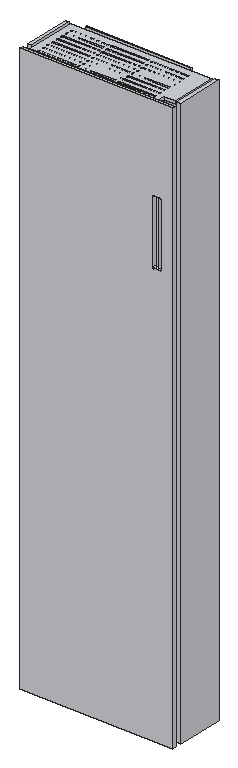
Revit family "57_CRD_ME_Ventura_V1X", category Mechanical Equipment, Revit 2020
Family settings
  Round Connector Dimension = Use Diameter
  Classification = None
  Part Type = Normal
  Work Plane-Based = Yes
  Always vertical = Yes
  Cut with Voids When Loaded = No
  Shared = No
  Room Calculation Point = Yes
Parameters (values of type "Ventura_V1X")
  voltage = 230 V  # constant formula
  roosters_hoh_maat [instance] = 500 mm
  rooster_offset_Y_onder [instance] = hoh_ventilatie_doorvoeren - roosters_hoh_maat + rooster_offset_Y_boven  # -90 mm
  rooster_offset_Y_boven [instance] = -100 mm
  rooster_offset_X [instance] = 100 mm
  positie_invoer_roosters [instance] = 0
  onderkant_unit_tov_vloerpeil = 150 mm
  muurrooster_waalformaat_rechts [instance] = and(positie_invoer_roosters = 3, muurrooster_waalformaat)  # no
  muurrooster_waalformaat_links [instance] = and(positie_invoer_roosters = 2, muurrooster_waalformaat)  # no
  muurrooster_waalformaat_achter [instance] = and(positie_invoer_roosters = 1, muurrooster_waalformaat)  # no
  muurrooster_waalformaat [instance] = not(muurrooster_vierkant)  # no
  muurrooster_vierkant_rechts [instance] = and(positie_invoer_roosters = 3, muurrooster_vierkant)  # no
  muurrooster_vierkant_links [instance] = and(positie_invoer_roosters = 2, muurrooster_vierkant)  # no
  muurrooster_vierkant_achter [instance] = and(positie_invoer_roosters = 1, muurrooster_vierkant)  # no
  muurrooster_vierkant [instance] = yes
  materiaal_unit [instance] = none
  materiaal_muurrooster [instance] = none
  materiaal_kanaal [instance] = Color RAL 7021
  hart_onderste_doorvoer_tov_vloerpeil = onderkant_unit_tov_vloerpeil + 97 mm  # 247 mm
  eis_offset_Y [instance] = "negatief getal ivm ontwatering"  # constant formula
  dikte_binnenspouwblad [instance] = 40 mm
  hoh_ventilatie_doorvoeren = 510 mm
  dikte_spouwconstructie [instance] = 210 mm
  diameter [instance] = if(connection_diameter_110, 110 mm, 150 mm)  # 110 mm
  debiet_m3h_max [instance] = 250.00 m³  # constant formula
  debiet_m3h [instance] = 100.00 m³
  debiet_Ls [instance] = debiet_m3h / 3600.0 s  # 27.7778 L/s
  connection_diameter_150 [instance] = not(connection_diameter_110)  # no
  connection_diameter_110 [instance] = yes
  breedte_unit = 520 mm
  Power = 0 VA
  Default Elevation = 1219.2 mm
  3=positie_invoer_roosters_rechts [instance] = positie_invoer_roosters = 3  # no
  2=positie_invoer_roosters_links [instance] = positie_invoer_roosters = 2  # no
  1=positie_invoer_roosters_achter [instance] = positie_invoer_roosters = 1  # no
Reference planes
  plane 1 "Center (Front/Back)": y = 0
  plane 2: z = 0
  plane 3 "Center (Left/Right)": x = 0
  plane 4 "doorvoer_onder": z = 247
  plane 5 "doorvoer_boven": z = 757
  plane 6: x = 260
  plane 7: x = -260
  plane 8: y = -100
Dimensions and locks
  "hoh_ventilatie_doorvoeren": plane 5 "doorvoer_boven" to plane 4 "doorvoer_onder"
  "hart_onderste_doorvoer_tov_vloerpeil": plane 4 "doorvoer_onder" to plane 2
  equal spacing: plane 7, plane 3 "Center (Left/Right)", plane 6
  "breedte_unit": plane 7 to plane 6
  locked: plane 8 to plane 1 "Center (Front/Back)" at 100
  aligned and locked: level to plane 2
  aligned and locked: nested 3 to plane 8
  aligned and locked: nested 3 to plane 6
  aligned and locked: nested 2 to plane 8
  aligned and locked: nested 2 to plane 6
  aligned and locked: nested 4 to plane 3 "Center (Left/Right)"
  aligned and locked: nested 5 to plane 3 "Center (Left/Right)"
  aligned and locked: nested 4 to plane 1 "Center (Front/Back)"
  aligned and locked: nested 5 to plane 1 "Center (Front/Back)"
  aligned and locked: nested 6 to plane 7
  aligned and locked: plane 8 to nested 6
  aligned and locked: nested 7 to plane 7
  aligned and locked: plane 8 to nested 7
Nested families
  nested 1: "57_CRD_ME_Ventura_V1X_shared" at (0, 0, 150) x (1, 0, 0) z (0, -1, 0), built-in parameter 1001360 <- "onderkant_unit_tov_vloerpeil", Power <- "Power", debiet_m3h <- "debiet_m3h", materiaal_unit <- "materiaal_unit", Connection Diameter 150mm <- "connection_diameter_150", type "Ventura V1X unit"
    with materiaal_unit none, debiet_m3h 100.00 m³, debiet_Ls 27.7778 L/s, Vertical Right1 no, Vertical Left1 yes, Square White1 no, Square Grille Visible no, Square Grey1 no, Service Space no, Right Clearance 20 mm, Reference Line Ventilation Unit Length 100.3 mm, Reference Line Ventilation Unit Angle 90.00°, Reference Line Grid Length 260 mm, Reference Line Grid Angle 0.00°, Rectangular White1 no, Rectangular Grille Visible yes, Rectangular Brown1 yes, Rectangular Black1 no, Power 0 VA, Line Length 86.4 mm, Left Clearance 0 mm, Inside Diameter Wall Grille 140 mm, Horizontal Right1 no, Horizontal Left1 no, Grille Wall Transit Length Safe 180 mm, Grille Wall Transit Length 220 mm, Function Code "", Double Rectangular White1 no, Double Rectangular Grille Visible no, Double Rectangular Brown1 no, Double Rectangular Black1 no, Diameter Wall Grille 140 mm, Connector Diameter 110 mm, Connection Diameter 150mm no, Connection Diameter 110mm yes
  nested 2: "57_CRD_AT_aansluiting_muurrooster_flex" at (260, -100, 757) x (0, 1, 0) z (0, 0, 1), materiaal_kanaal <- "materiaal_kanaal", materiaal_rooster <- "materiaal_muurrooster", diepte <- "dikte_spouwconstructie", lengte_recht_deel_aansluiting <- "dikte_binnenspouwblad", offset_X <- "rooster_offset_X", offset_Y <- "rooster_offset_Y_boven", Connection Diameter 150 <- "connection_diameter_150", muurrooster_waalformaat <- "muurrooster_waalformaat_rechts", visible <- "3=positie_invoer_roosters_rechts", muurrooster_vierkant <- "muurrooster_vierkant_rechts", type "Grille"
    with rekenwaarde_offset_Y 900 mm, rekenwaarde_offset_X 1100 mm, offset_Y -100 mm, offset_X 100 mm, muurrooster_waalformaat no, muurrooster_vierkant no, materiaal_rooster none, materiaal_kanaal Color RAL 7021, lengte_recht_deel_aansluiting 40 mm, diepte 210 mm, Tube Length 180 mm, R 55 mm, Diameter 110 mm, Connection Diameter 150 no, Connection Diameter 110 yes, Connection Diameter 110 mm
  nested 3: "57_CRD_AT_aansluiting_muurrooster_flex" at (260, -100, 247) x (0, 1, 0) z (0, 0, 1), materiaal_kanaal <- "materiaal_kanaal", materiaal_rooster <- "materiaal_muurrooster", diepte <- "dikte_spouwconstructie", lengte_recht_deel_aansluiting <- "dikte_binnenspouwblad", offset_X <- "rooster_offset_X", offset_Y <- "rooster_offset_Y_onder", Connection Diameter 150 <- "connection_diameter_150", muurrooster_waalformaat <- "muurrooster_waalformaat_rechts", visible <- "3=positie_invoer_roosters_rechts", muurrooster_vierkant <- "muurrooster_vierkant_rechts", type "Grille"
    with rekenwaarde_offset_Y 910 mm, rekenwaarde_offset_X 1100 mm, offset_Y -90 mm, offset_X 100 mm, muurrooster_waalformaat no, muurrooster_vierkant no, materiaal_rooster none, materiaal_kanaal Color RAL 7021, lengte_recht_deel_aansluiting 40 mm, diepte 210 mm, Tube Length 180 mm, R 55 mm, Diameter 110 mm, Connection Diameter 150 no, Connection Diameter 110 yes, Connection Diameter 110 mm
  nested 4: "57_CRD_AT_aansluiting_muurrooster_flex" at (0, 0, 757) x (-1, 0, 0) z (0, 0, 1), materiaal_kanaal <- "materiaal_kanaal", materiaal_rooster <- "materiaal_muurrooster", diepte <- "dikte_spouwconstructie", lengte_recht_deel_aansluiting <- "dikte_binnenspouwblad", offset_X <- "rooster_offset_X", offset_Y <- "rooster_offset_Y_boven", Connection Diameter 150 <- "connection_diameter_150", muurrooster_waalformaat <- "muurrooster_waalformaat_achter", visible <- "1=positie_invoer_roosters_achter", muurrooster_vierkant <- "muurrooster_vierkant_achter", type "Grille"
    with rekenwaarde_offset_Y 900 mm, rekenwaarde_offset_X 1100 mm, offset_Y -100 mm, offset_X 100 mm, muurrooster_waalformaat no, muurrooster_vierkant no, materiaal_rooster none, materiaal_kanaal Color RAL 7021, lengte_recht_deel_aansluiting 40 mm, diepte 210 mm, Tube Length 180 mm, R 55 mm, Diameter 110 mm, Connection Diameter 150 no, Connection Diameter 110 yes, Connection Diameter 110 mm
  nested 5: "57_CRD_AT_aansluiting_muurrooster_flex" at (0, 0, 247) x (-1, 0, 0) z (0, 0, 1), materiaal_kanaal <- "materiaal_kanaal", materiaal_rooster <- "materiaal_muurrooster", diepte <- "dikte_spouwconstructie", lengte_recht_deel_aansluiting <- "dikte_binnenspouwblad", offset_X <- "rooster_offset_X", offset_Y <- "rooster_offset_Y_onder", Connection Diameter 150 <- "connection_diameter_150", muurrooster_waalformaat <- "muurrooster_waalformaat_achter", visible <- "1=positie_invoer_roosters_achter", muurrooster_vierkant <- "muurrooster_vierkant_achter", type "Grille"
    with rekenwaarde_offset_Y 910 mm, rekenwaarde_offset_X 1100 mm, offset_Y -90 mm, offset_X 100 mm, muurrooster_waalformaat no, muurrooster_vierkant no, materiaal_rooster none, materiaal_kanaal Color RAL 7021, lengte_recht_deel_aansluiting 40 mm, diepte 210 mm, Tube Length 180 mm, R 55 mm, Diameter 110 mm, Connection Diameter 150 no, Connection Diameter 110 yes, Connection Diameter 110 mm
  nested 6: "57_CRD_AT_aansluiting_muurrooster_flex" at (-260, -100, 757) x (0, -1, 0) z (0, 0, 1), materiaal_kanaal <- "materiaal_kanaal", materiaal_rooster <- "materiaal_muurrooster", diepte <- "dikte_spouwconstructie", lengte_recht_deel_aansluiting <- "dikte_binnenspouwblad", offset_X <- "rooster_offset_X", offset_Y <- "rooster_offset_Y_boven", Connection Diameter 150 <- "connection_diameter_150", muurrooster_waalformaat <- "muurrooster_waalformaat_links", visible <- "2=positie_invoer_roosters_links", muurrooster_vierkant <- "muurrooster_vierkant_links", type "Grille"
    with rekenwaarde_offset_Y 900 mm, rekenwaarde_offset_X 1100 mm, offset_Y -100 mm, offset_X 100 mm, muurrooster_waalformaat no, muurrooster_vierkant no, materiaal_rooster none, materiaal_kanaal Color RAL 7021, lengte_recht_deel_aansluiting 40 mm, diepte 210 mm, Tube Length 180 mm, R 55 mm, Diameter 110 mm, Connection Diameter 150 no, Connection Diameter 110 yes, Connection Diameter 110 mm
  nested 7: "57_CRD_AT_aansluiting_muurrooster_flex" at (-260, -100, 247) x (0, -1, 0) z (0, 0, 1), materiaal_kanaal <- "materiaal_kanaal", materiaal_rooster <- "materiaal_muurrooster", diepte <- "dikte_spouwconstructie", lengte_recht_deel_aansluiting <- "dikte_binnenspouwblad", offset_X <- "rooster_offset_X", offset_Y <- "rooster_offset_Y_onder", Connection Diameter 150 <- "connection_diameter_150", muurrooster_waalformaat <- "muurrooster_waalformaat_links", visible <- "2=positie_invoer_roosters_links", muurrooster_vierkant <- "muurrooster_vierkant_links", type "Grille"
    with rekenwaarde_offset_Y 910 mm, rekenwaarde_offset_X 1100 mm, offset_Y -90 mm, offset_X 100 mm, muurrooster_waalformaat no, muurrooster_vierkant no, materiaal_rooster none, materiaal_kanaal Color RAL 7021, lengte_recht_deel_aansluiting 40 mm, diepte 210 mm, Tube Length 180 mm, R 55 mm, Diameter 110 mm, Connection Diameter 150 no, Connection Diameter 110 yes, Connection Diameter 110 mm
Connectors
  hvac at (260, -100, 757), driven by "diameter", driven by "debiet_Ls"
    settings: on nested 2, index 1, duct flow 27.7778 L/s, flow factor 0, pres drop 0.0 Pa, loss coef 0, conn angle 0.00°, conn width 304.8 mm, conn height 304.8 mm, conn diameter 110 mm, duct sys type 2, conn prof type 0, flow config 0, flow direction 2, loss method 0, conn ref index -1, conn util no, is conn primary yes, conn desc ""
  hvac at (260, -100, 247), driven by "diameter", driven by "debiet_Ls"
    settings: on nested 3, index 2, duct flow 27.7778 L/s, flow factor 0, pres drop 0.0 Pa, loss coef 0, conn angle 0.00°, conn width 304.8 mm, conn height 304.8 mm, conn diameter 110 mm, duct sys type 1, conn prof type 0, flow config 0, flow direction 1, loss method 0, conn ref index -1, conn util no, is conn primary no, conn desc ""
  electrical at (0, -4, 1129), driven by "voltage"
    settings: on nested 1, index 3, voltage 230 V, apparent load 0 VA, apparent load phase1 0 VA, apparent load phase2 0 VA, apparent load phase3 0 VA, power factor 1, load classification "Other", number of poles 1, system type 31, power factor state 1, is connector primary yes, connector utility no, sub classification motor no, connector description ""
  hvac at (-260, -100, 757), driven by "diameter", driven by "debiet_Ls"
    settings: on nested 6, index 4, duct flow 27.7778 L/s, flow factor 0, pres drop 0.0 Pa, loss coef 0, conn angle 0.00°, conn width 304.8 mm, conn height 304.8 mm, conn diameter 110 mm, duct sys type 2, conn prof type 0, flow config 0, flow direction 2, loss method 0, conn ref index -1, conn util no, is conn primary no, conn desc ""
  hvac at (-260, -100, 247), driven by "diameter", driven by "debiet_Ls"
    settings: on nested 7, index 5, duct flow 27.7778 L/s, flow factor 0, pres drop 0.0 Pa, loss coef 0, conn angle 0.00°, conn width 304.8 mm, conn height 304.8 mm, conn diameter 110 mm, duct sys type 1, conn prof type 0, flow config 0, flow direction 1, loss method 0, conn ref index -1, conn util no, is conn primary no, conn desc ""
  hvac at (0, 0, 757), driven by "diameter", driven by "debiet_Ls"
    settings: on nested 4, index 6, duct flow 27.7778 L/s, flow factor 0, pres drop 0.0 Pa, loss coef 0, conn angle 0.00°, conn width 304.8 mm, conn height 304.8 mm, conn diameter 110 mm, duct sys type 2, conn prof type 0, flow config 0, flow direction 2, loss method 0, conn ref index -1, conn util no, is conn primary no, conn desc ""
  hvac at (0, 0, 247), driven by "diameter", driven by "debiet_Ls"
    settings: on nested 5, index 7, duct flow 27.7778 L/s, flow factor 0, pres drop 0.0 Pa, loss coef 0, conn angle 0.00°, conn width 304.8 mm, conn height 304.8 mm, conn diameter 110 mm, duct sys type 1, conn prof type 0, flow config 0, flow direction 1, loss method 0, conn ref index -1, conn util no, is conn primary no, conn desc ""
Definition of nested family "57_CRD_ME_Ventura_V1X_shared"
  Parameters (values of type "Mounting Position - Vertical Left Corner")
    materiaal_unit [instance] = none
    debiet_m3h [instance] = 100.00 m³
    debiet_Ls [instance] = debiet_m3h / 3600.0 s  # 27.7778 L/s
    Width = 520 mm
    Wholesaler Art. No. = ""
    Wholesaler = ""
    Watermarked By = "https://mep.trimble.com"
    Voltage = 230 V
    Vertical Right1 [instance] = if(Mounting = Vertical Right, 1 = 1, 1 = 0)  # no
    Vertical Right = Position : Vertical, Right Corner
    Vertical Left1 [instance] = if(Mounting = Vertical Left, 1 = 1, 1 = 0)  # yes
    Vertical Left = Position : Vertical, Left Corner
    URL = "https://mep.trimble.com"
    Square White1 [instance] = no
    Square Grille Visible [instance] = if(or(Square Grey1, Square White1), 1 = 1, 1 = 0)  # no
    Square Grey1 [instance] = no
    Service Space [instance] = no
    Stabu Code = ""
    Right Clearance [instance] = if(or(Horizontal Right1, Vertical Left1), 20 mm, 0 mm)  # 20 mm
    Revit Version = "2018"  # constant formula
    Reference Line Grid Length [instance] = if(or(Horizontal Left1, Horizontal Right1), 96 mm, 260 mm)  # 260 mm
    Reference Line Grid Angle [instance] = if(Vertical Left1, 0.00°, if(Vertical Right1, 180.00°, 90.00°))  # 0.00°
    Rectangular White1 [instance] = no
    Rectangular Grille Visible [instance] = if(or(Rectangular Black1, Rectangular White1, Rectangular Brown1), 1 = 1, 1 = 0)  # yes
    Rectangular Brown1 [instance] = yes
    Rectangular Black1 [instance] = no
    Product Line = "ClimaRad"  # constant formula
    Power [instance] = 0 VA
    Mounting = Position : Vertical, Left Corner
    Model = "Ventura V1X"
    Manufacturer URL = "https://www.climarad.nl/producten/actueel/climarad-ventura/"
    Manufacturer Art. No. = "3540100"
    Manufacturer = "ClimaRad"  # constant formula
    MEPcontent Class = "VENTILATION_UNIT"  # constant formula
    Reference Line Ventilation Unit Length [instance] = if(or(Vertical Left1, Vertical Right1), 100.3 mm, 260 mm)  # 100.3 mm
    Line Length [instance] = if(Connection Diameter 110mm, 86.4 mm, 111.1 mm)  # 111.1 mm
    Left Clearance [instance] = if(or(Horizontal Left1, Vertical Right1), 20 mm, 0 mm)  # 0 mm
    Internal Art. No. = ""
    Inside Diameter Wall Grille [instance] = if(Connection Diameter 150mm, 180 mm, 140 mm)  # 180 mm
    IFCExportType = "NOTDEFINED"  # constant formula
    IFCExportAs = "IfcAirTerminal"  # constant formula
    Horizontal Right1 [instance] = if(Mounting = Horizontal Right, 1 = 1, 1 = 0)  # no
    Horizontal Right = Position : Horizontal, Right Corner
    Horizontal Left1 [instance] = if(Mounting = Horizontal Left, 1 = 1, 1 = 0)  # no
    Horizontal Left = Position : Horizontal, Left Corner
    Height = 1950 mm
    Grille Wall Transit Length Safe [instance] = 180 mm
    Grille Wall Transit Length [instance] = 220 mm
    GTIN = ""
    GLN = "8719279000001"
    Function Code [instance] = ""  # constant formula
    Family Version = "11.26"  # constant formula
    ETIM Article Class = "EC010004"  # constant formula
    EMCS Version = "4.0"  # constant formula
    Double Rectangular White1 [instance] = no
    Double Rectangular Grille Visible [instance] = if(or(Double Rectangular Brown1, Double Rectangular Black1, Double Rectangular White1), 1 = 1, 1 = 0)  # no
    Double Rectangular Brown1 [instance] = no
    Double Rectangular Black1 [instance] = no
    Diameter Wall Grille [instance] = if(Connection Diameter 110mm, 140 mm, 180 mm)  # 180 mm
    Description = "Basis ventilatie-unit"
    Depth = 200 mm
    Default Elevation = 0 mm
    Custom = no
    Copyright = "© Trimble Europe BV"  # constant formula
    Content Supplier URL = "www.MEPcontent.com"
    Connection Diameter 150mm [instance] = yes
    Connection Diameter 110mm [instance] = not(Connection Diameter 150mm)  # no
    Connector Diameter [instance] = if(Connection Diameter 150mm, 150 mm, 110 mm)  # 150 mm
    CB-NL Class = ""
    Base Family Version = "12.19"  # constant formula
    Article Type = "Ventura V1X"
    Article Description = "Basis ventilatie-unit"
    Reference Line Ventilation Unit Angle [instance] = if(Horizontal Left1, 180.00°, if(Horizontal Right1, 0.00°, 90.00°))  # 90.00°
  Types (4, lengths in mm): name | Vertical Right1 | Vertical Left1 | Right Clearance | Reference Line Grid Length | Reference Line Grid Angle | Mounting | Reference Line Ventilation Unit Length | Left Clearance | Horizontal Right1 | Horizontal Left1 | Reference Line Ventilation Unit Angle
    Mounting Position - Vertical Left Corner | no | yes | 20 | 260 | 0.00° | Position : Vertical, Left Corner | 100.3 | 0 | no | no | 90.00°
    Mounting Position - Vertical Right Corner | yes | no | 0 | 260 | 180.00° | Position : Vertical, Right Corner | 100.3 | 20 | no | no | 90.00°
    Mounting Position - Horizontal Right Corner | no | no | 20 | 96 | 90.00° | Position : Horizontal, Right Corner | 260 | 0 | yes | no | 0.00°
    Mounting Position - Horizontal Left Corner | no | no | 0 | 96 | 90.00° | Position : Horizontal, Left Corner | 260 | 20 | no | yes | 180.00°
  Reference planes
    plane 1 "Center (Front/Back)": y = 0
    plane 2: z = 0
    plane 3 "Center (Left/Right)": x = 0
    plane 4: y = 103.3
    plane 5: y = 613.999
    plane 6: z = 100
    plane 7: y = 94.7
    plane 8: y = 604.7
    plane 9: z = 100
    plane 10: y = 4
    plane 11: x = 0
    plane 12: z = 203
    plane 13: z = 4
    plane 14: y = 1934
    plane 15: y = 97
    plane 16: y = 607
    plane 17: y = 1792
    plane 18: z = 101.5
    plane 19: y = 607
    plane 20: y = 97
    plane 21: z = 104.3
    plane 22: z = 100
    plane 23: y = 4
    plane 24: y = 1954
    plane 25: z = 204
  Forms (mm)
    Extrusion 1, solid, not visible
      sketch origin (0, 780.8, 0) x (1, 0, 0) y (0, 1, 0)
        loop
          line (-1219.2, 2019.2) -> (-1219.2, -1219.2) -> (1219.2, -1219.2) -> (1219.2, 2019.2) -> (-1219.2, 2019.2)
      from 0 to -304.8
    Extrusion 2, solid, material <- "materiaal_unit", detail levels fine
      sketch origin (202.037, 1919.7, 0) x (0, -1, 0) y (0, 0, -1)
        loop
          arc (1878.25, -170.811) -> (1822.7, -10) -> (1767.15, -170.811) r 90
          line (1767.15, -170.811) -> (1878.25, -170.811)
        loop
          arc (1368.25, -170.811) -> (1312.7, -10) -> (1257.15, -170.811) r 90
          line (1257.15, -170.811) -> (1368.25, -170.811)
      from 0 to 46
    Extrusion 3, solid, material <- "materiaal_unit", detail levels fine
      sketch origin (-237.963, 1919.7, 0) x (0, -1, 0) y (0, 0, 1)
        loop
          line (1878.25, 170.811) -> (1767.15, 170.811)
          arc (1767.15, 170.811) -> (1822.7, 10) -> (1878.25, 170.811) r 90
        loop
          line (1368.25, 170.811) -> (1257.15, 170.811)
          arc (1257.15, 170.811) -> (1312.7, 10) -> (1368.25, 170.811) r 90
      from 0 to 10.037
    Extrusion 4, solid, material <- "materiaal_unit", detail levels fine
      sketch origin (-15.963, 0, 4) x (1, 0, 0) y (0, 1, 0)
        loop
          line (-244.037, 4) -> (-232.037, 4) -> (-232.037, 1954) -> (-244.037, 1954) -> (-244.037, 4)
      from 6 to 167
    Extrusion 5, solid, material <- "materiaal_unit", detail levels fine
      sketch origin (-260, 1954, 184) x (1, 0, 0) y (0, 0, -1)
        loop
          line (462.037, -6.5) -> (462.037, 14.5) -> (500.537, 14.5) -> (500.537, 170) -> (22.037, 170) -> (22.037, -6.5) -> (462.037, -6.5)
        loop
          line (306.037, 2.8) -> (185.037, 2.8)
          arc (185.037, 2.8) -> (182.916, 1.921) -> (182.037, -0.2) r 3
          line (182.037, -0.2) -> (182.037, -2.7) -> (309.037, -2.7) -> (309.037, -0.2)
          arc (309.037, -0.2) -> (308.159, 1.921) -> (306.037, 2.8) r 3
        loop
          arc (445.037, -0.2) -> (444.159, 1.921) -> (442.037, 2.8) r 3
          line (442.037, 2.8) -> (321.037, 2.8)
          arc (321.037, 2.8) -> (318.916, 1.921) -> (318.037, -0.2) r 3
          line (318.037, -0.2) -> (318.037, -2.7) -> (445.037, -2.7) -> (445.037, -0.2)
        loop
          arc (445.037, 19.8) -> (444.159, 21.921) -> (442.037, 22.8) r 3
          line (442.037, 22.8) -> (321.037, 22.8)
          arc (321.037, 22.8) -> (318.916, 21.921) -> (318.037, 19.8) r 3
          line (318.037, 19.8) -> (318.037, 17.4) -> (445.037, 17.4) -> (445.037, 19.8)
        loop
          arc (445.037, 39.8) -> (444.159, 41.921) -> (442.037, 42.8) r 3
          line (442.037, 42.8) -> (321.037, 42.8)
          arc (321.037, 42.8) -> (318.916, 41.921) -> (318.037, 39.8) r 3
          line (318.037, 39.8) -> (318.037, 37.4) -> (445.037, 37.4) -> (445.037, 39.8)
        loop
          arc (445.037, 59.8) -> (444.159, 61.921) -> (442.037, 62.8) r 3
          line (442.037, 62.8) -> (321.037, 62.8)
          arc (321.037, 62.8) -> (318.916, 61.921) -> (318.037, 59.8) r 3
          line (318.037, 59.8) -> (318.037, 57.4) -> (445.037, 57.4) -> (445.037, 59.8)
        loop
          arc (445.037, 79.8) -> (444.159, 81.921) -> (442.037, 82.8) r 3
          line (442.037, 82.8) -> (321.037, 82.8)
          arc (321.037, 82.8) -> (318.916, 81.921) -> (318.037, 79.8) r 3
          line (318.037, 79.8) -> (318.037, 77.4) -> (445.037, 77.4) -> (445.037, 79.8)
        loop
          arc (445.037, 99.8) -> (444.159, 101.921) -> (442.037, 102.8) r 3
          line (442.037, 102.8) -> (321.037, 102.8)
          arc (321.037, 102.8) -> (318.916, 101.921) -> (318.037, 99.8) r 3
          line (318.037, 99.8) -> (318.037, 97.4) -> (445.037, 97.4) -> (445.037, 99.8)
        loop
          arc (445.037, 119.8) -> (444.159, 121.921) -> (442.037, 122.8) r 3
          line (442.037, 122.8) -> (321.037, 122.8)
          arc (321.037, 122.8) -> (318.916, 121.921) -> (318.037, 119.8) r 3
          line (318.037, 119.8) -> (318.037, 117.4) -> (445.037, 117.4) -> (445.037, 119.8)
        loop
          arc (445.037, 139.8) -> (444.159, 141.921) -> (442.037, 142.8) r 3
          line (442.037, 142.8) -> (321.037, 142.8)
          arc (321.037, 142.8) -> (318.916, 141.921) -> (318.037, 139.8) r 3
          line (318.037, 139.8) -> (318.037, 137.4) -> (445.037, 137.4) -> (445.037, 139.8)
        loop
          line (182.037, 19.8) -> (182.037, 17.4) -> (309.037, 17.4) -> (309.037, 19.8)
          arc (309.037, 19.8) -> (308.159, 21.921) -> (306.037, 22.8) r 3
          line (306.037, 22.8) -> (185.037, 22.8)
          arc (185.037, 22.8) -> (182.916, 21.921) -> (182.037, 19.8) r 3
        loop
          line (182.037, 39.8) -> (182.037, 37.4) -> (309.037, 37.4) -> (309.037, 39.8)
          arc (309.037, 39.8) -> (308.159, 41.921) -> (306.037, 42.8) r 3
          line (306.037, 42.8) -> (185.037, 42.8)
          arc (185.037, 42.8) -> (182.916, 41.921) -> (182.037, 39.8) r 3
        loop
          line (182.037, 59.8) -> (182.037, 57.4) -> (309.037, 57.4) -> (309.037, 59.8)
          arc (309.037, 59.8) -> (308.159, 61.921) -> (306.037, 62.8) r 3
          line (306.037, 62.8) -> (185.037, 62.8)
          arc (185.037, 62.8) -> (182.916, 61.921) -> (182.037, 59.8) r 3
        loop
          line (182.037, 79.8) -> (182.037, 77.4) -> (309.037, 77.4) -> (309.037, 79.8)
          arc (309.037, 79.8) -> (308.159, 81.921) -> (306.037, 82.8) r 3
          line (306.037, 82.8) -> (185.037, 82.8)
          arc (185.037, 82.8) -> (182.916, 81.921) -> (182.037, 79.8) r 3
        loop
          line (182.037, 99.8) -> (182.037, 97.4) -> (309.037, 97.4) -> (309.037, 99.8)
          arc (309.037, 99.8) -> (308.159, 101.921) -> (306.037, 102.8) r 3
          line (306.037, 102.8) -> (185.037, 102.8)
          arc (185.037, 102.8) -> (182.916, 101.921) -> (182.037, 99.8) r 3
        loop
          line (182.037, 119.8) -> (182.037, 117.4) -> (309.037, 117.4) -> (309.037, 119.8)
          arc (309.037, 119.8) -> (308.159, 121.921) -> (306.037, 122.8) r 3
          line (306.037, 122.8) -> (185.037, 122.8)
          arc (185.037, 122.8) -> (182.916, 121.921) -> (182.037, 119.8) r 3
        loop
          line (182.037, 139.8) -> (182.037, 137.4) -> (309.037, 137.4) -> (309.037, 139.8)
          arc (309.037, 139.8) -> (308.159, 141.921) -> (306.037, 142.8) r 3
          line (306.037, 142.8) -> (185.037, 142.8)
          arc (185.037, 142.8) -> (182.916, 141.921) -> (182.037, 139.8) r 3
        loop
          arc (173.037, -0.2) -> (172.159, 1.921) -> (170.037, 2.8) r 3
          line (170.037, 2.8) -> (49.037, 2.8)
          arc (49.037, 2.8) -> (46.916, 1.921) -> (46.037, -0.2) r 3
          line (46.037, -0.2) -> (46.037, -2.7) -> (173.037, -2.7) -> (173.037, -0.2)
        loop
          arc (173.037, 19.8) -> (172.159, 21.921) -> (170.037, 22.8) r 3
          line (170.037, 22.8) -> (49.037, 22.8)
          arc (49.037, 22.8) -> (46.916, 21.921) -> (46.037, 19.8) r 3
          line (46.037, 19.8) -> (46.037, 17.4) -> (173.037, 17.4) -> (173.037, 19.8)
        loop
          arc (173.037, 39.8) -> (172.159, 41.921) -> (170.037, 42.8) r 3
          line (170.037, 42.8) -> (49.037, 42.8)
          arc (49.037, 42.8) -> (46.916, 41.921) -> (46.037, 39.8) r 3
          line (46.037, 39.8) -> (46.037, 37.4) -> (173.037, 37.4) -> (173.037, 39.8)
        loop
          arc (173.037, 59.8) -> (172.159, 61.921) -> (170.037, 62.8) r 3
          line (170.037, 62.8) -> (49.037, 62.8)
          arc (49.037, 62.8) -> (46.916, 61.921) -> (46.037, 59.8) r 3
          line (46.037, 59.8) -> (46.037, 57.4) -> (173.037, 57.4) -> (173.037, 59.8)
        loop
          arc (173.037, 79.8) -> (172.159, 81.921) -> (170.037, 82.8) r 3
          line (170.037, 82.8) -> (49.037, 82.8)
          arc (49.037, 82.8) -> (46.916, 81.921) -> (46.037, 79.8) r 3
          line (46.037, 79.8) -> (46.037, 77.4) -> (173.037, 77.4) -> (173.037, 79.8)
        loop
          arc (173.037, 99.8) -> (172.159, 101.921) -> (170.037, 102.8) r 3
          line (170.037, 102.8) -> (49.037, 102.8)
          arc (49.037, 102.8) -> (46.916, 101.921) -> (46.037, 99.8) r 3
          line (46.037, 99.8) -> (46.037, 97.4) -> (173.037, 97.4) -> (173.037, 99.8)
        loop
          arc (173.037, 119.8) -> (172.159, 121.921) -> (170.037, 122.8) r 3
          line (170.037, 122.8) -> (49.037, 122.8)
          arc (49.037, 122.8) -> (46.916, 121.921) -> (46.037, 119.8) r 3
          line (46.037, 119.8) -> (46.037, 117.4) -> (173.037, 117.4) -> (173.037, 119.8)
        loop
          arc (173.037, 139.8) -> (172.159, 141.921) -> (170.037, 142.8) r 3
          line (170.037, 142.8) -> (49.037, 142.8)
          arc (49.037, 142.8) -> (46.916, 141.921) -> (46.037, 139.8) r 3
          line (46.037, 139.8) -> (46.037, 137.4) -> (173.037, 137.4) -> (173.037, 139.8)
      from 0 to -10
    Extrusion 6, solid, material <- "materiaal_unit", detail levels fine
      sketch origin (-7, 4, 184) x (1, 0, 0) y (0, 1, 0)
        loop
          line (-253, 1950) -> (-253, 0) -> (267, 0) -> (267, 1950) -> (-253, 1950)
        loop
          arc (204.5, 1662) -> (200.964, 1660.536) -> (199.5, 1657) r 5
          line (199.5, 1657) -> (199.5, 1443)
          arc (199.5, 1443) -> (200.964, 1439.464) -> (204.5, 1438) r 5
          line (204.5, 1438) -> (224.5, 1438)
          arc (224.5, 1438) -> (228.036, 1439.464) -> (229.5, 1443) r 5
          line (229.5, 1443) -> (229.5, 1657)
          arc (229.5, 1657) -> (228.036, 1660.536) -> (224.5, 1662) r 5
          line (224.5, 1662) -> (204.5, 1662)
      from 7 to 20
    Extrusion 7, solid, material <- "materiaal_unit", detail levels fine
      sketch origin (-29.925, 4, 4) x (1, 0, 0) y (0, 1, 0)
        loop
          line (277.925, 0) -> (289.925, 0) -> (289.925, 1950) -> (277.925, 1950) -> (277.925, 0)
      from 6 to 167
    Extrusion 8, solid, material <- "materiaal_unit", detail levels fine
      sketch origin (-17.963, 4, 0) x (1, 0, 0) y (0, 1, 0)
        loop
          line (-220, 1935) -> (-220, 0) -> (220, 0) -> (220, 1935) -> (-220, 1935)
      from 4 to 190.5
    Extrusion 9, solid, material <- "materiaal_unit", detail levels fine
      sketch origin (-17.963, 15.5, 0) x (1, 0, 0) y (0, 1, 0)
        loop
          line (-179.5, 1938.5) -> (-179.5, 1898.5) -> (179.5, 1898.5) -> (179.5, 1938.5) -> (-179.5, 1938.5)
        loop
          circle (73.982, 1918.5) r 5
        loop
          arc (-157.669, 1923.5) -> (-162.669, 1918.5) -> (-157.669, 1913.5) r 5
          line (-157.669, 1913.5) -> (-141.707, 1913.5)
          arc (-141.707, 1913.5) -> (-136.707, 1918.5) -> (-141.707, 1923.5) r 5
          line (-141.707, 1923.5) -> (-157.669, 1923.5)
        loop
          line (154.688, 1910.519) -> (154.688, 1926.481)
          arc (154.688, 1926.481) -> (149.688, 1931.481) -> (144.688, 1926.481) r 5
          line (144.688, 1926.481) -> (144.688, 1910.519)
          arc (144.688, 1910.519) -> (149.688, 1905.519) -> (154.688, 1910.519) r 5
        loop
          circle (-73.982, 1918.5) r 5
      from 0 to 4
    Sweep 10, solid, not visible
      path in 3D
        loop
          line (0, 607, 100) -> (260, 607, 100)
      profile origin (130, 607, 100) x (0, 0, -1) y (0, 1, 0)
        loop
          circle (0, 0) r 10
    Extrusion 11, solid, material <- "materiaal_unit", detail levels coarse+medium
      sketch origin (0, 4, 0) x (1, 0, 0) y (0, 1, 0)
        loop
          line (260, 1950) -> (-260, 1950) -> (-260, 0) -> (260, 0) -> (260, 1950)
      from 4 to 204
    Extrusion 12, solid, material <- "materiaal_unit", detail levels coarse+medium
      sketch origin (-17.963, 15.5, 0) x (1, 0, 0) y (0, 1, 0)
        loop
          line (-179.5, 1938.5) -> (-179.5, 1898.5) -> (179.5, 1898.5) -> (179.5, 1938.5) -> (-179.5, 1938.5)
      from 0 to 4
    Extrusion 13, solid, material <- "materiaal_unit", detail levels fine
      sketch origin (-132.963, 4, 0) x (-1, 0, 0) y (0, 0, -1)
        loop
          line (78.637, -95.4) -> (78.637, -89.4) -> (62.637, -89.4) -> (62.637, -95.4) -> (78.637, -95.4)
        loop
          line (-271.563, -95.4) -> (-271.563, -89.4) -> (-287.563, -89.4) -> (-287.563, -95.4) -> (-271.563, -95.4)
      from -1.183 to 4
    Extrusion 14, void
      sketch origin (0, 0, 0) x (0, 1, 0) y (0, 0, 1)
        loop
          line (0.8, 96.306) -> (0.8, 93.463)
          arc (0.8, 93.463) -> (0.984, 92.713) -> (1.493, 92.132) r 1.625
          line (1.493, 92.132) -> (4, 90.377) -> (4, 96.306) -> (0.8, 96.306)
        loop
          line (4, 89.4) -> (0.626, 91.762)
          arc (0.626, 91.762) -> (0.166, 92.287) -> (0, 92.965) r 1.469
          line (0, 92.965) -> (0, 96.656) -> (-1.376, 96.656) -> (-1.376, 93.164) -> (-1.376, 87.775) -> (4, 87.775) -> (4, 89.4)
      from -237.963 to 202.037
    Extrusion 15, solid, material <- "materiaal_unit", detail levels fine
      sketch origin (-132.963, 4, 0) x (-1, 0, 0) y (0, 0, -1)
        loop
          line (78.637, -95.4) -> (78.637, -89.4) -> (62.637, -89.4) -> (62.637, -95.4) -> (78.637, -95.4)
        loop
          line (-271.563, -95.4) -> (-271.563, -89.4) -> (-287.563, -89.4) -> (-287.563, -95.4) -> (-271.563, -95.4)
      from -1.183 to 4
    Extrusion 16, solid, material <- "materiaal_unit", detail levels coarse+medium
      sketch origin (-132.963, 4, 0) x (-1, 0, 0) y (0, 0, -1)
        loop
          line (78.637, -95.4) -> (78.637, -89.4) -> (62.637, -89.4) -> (62.637, -95.4) -> (78.637, -95.4)
        loop
          line (-271.563, -95.4) -> (-271.563, -89.4) -> (-287.563, -89.4) -> (-287.563, -95.4) -> (-271.563, -95.4)
      from -1.183 to 4
  Cuts and joins
    joined: Extrusion 2, Extrusion 3
    Extrusion 14 cuts Extrusion 13
    Extrusion 14 cuts Extrusion 15
    joined: Extrusion 8, Extrusion 13, Extrusion 15
    Extrusion 14 cuts Extrusion 16
    joined: Extrusion 11, Extrusion 16
  Lines and regions (mm)
    reference lines
      curve 1: line (0, 1792, 104.3) -> (0, 1792, 4)
      curve 2: line (0, 607, 100) -> (260, 607, 100)
    sketch lines
      curve 3: line (0, 607, 100) -> (260, 607, 100)
  Dimensions and locks
    plane 6 to level = 100 mm
    plane 7 to plane 8 = 510 mm
    plane 1 "Center (Front/Back)" to plane 10 = 4 mm
    locked: plane 15 to plane 4 at 6.3
    locked: plane 16 to plane 5 at 6.999
    plane 1 "Center (Front/Back)" to plane 15 = 97 mm
    plane 1 "Center (Front/Back)" to plane 16 = 607 mm
    "Reference Line Ventilation Unit Length": curve 1 to curve 1
    "Reference Line Grid Length": curve 2 to curve 2
    "Line Length": Extrusion 2 sketch curve to Extrusion 2 sketch curve  (x2)
    "Line Length": Extrusion 3 sketch curve to Extrusion 3 sketch curve  (x2)
    Extrusion 7 sketch curve to Extrusion 6 = 12 mm
    Extrusion 6 to Extrusion 4 sketch curve = 12 mm
    plane 1 "Center (Front/Back)" to plane 23 = 4 mm
    Extrusion 14 sketch curve to Extrusion 14 sketch curve = 0.8 mm
    plane 24 to plane 23 = 1950 mm
    "Diameter Wall Grille": diameter of Extrusion 2 sketch curve  (x2)
    "Diameter Wall Grille": diameter of Extrusion 3 sketch curve  (x2)
    "Reference Line Ventilation Unit Angle": angle curve 1 to plane 18
    "Reference Line Grid Angle": angle curve 2 to plane 18
    aligned and locked: plane 2 to Extrusion 1
    aligned and locked: level to Extrusion 1
    aligned and locked: Extrusion 4 to Extrusion 7
    aligned and locked: plane 11 to curve 1
    aligned and locked: plane 11 to curve 2
    aligned and locked: plane 22 to curve 2
    aligned and locked: plane 21 to curve 1
    aligned and locked: plane 6 to Extrusion 2 sketch curve
    aligned and locked: plane 9 to Extrusion 3 sketch curve
    aligned and locked: plane 20 to Extrusion 3 sketch curve
  Automatic sketch dimensions
    Extrusion 1 sketch curve to Extrusion 1 sketch curve = 2438.4 mm
    Extrusion 1 sketch curve to Extrusion 1 sketch curve = 3238.4 mm
    Extrusion 4 sketch curve to plane 10 = 0 mm
    Extrusion 4 sketch curve to Extrusion 4 sketch curve = 12 mm
    plane 17 to Extrusion 4 sketch curve = 162 mm
    Extrusion 5 sketch curve to plane 12 = 12.5 mm
    Extrusion 5 sketch curve to plane 3 "Center (Left/Right)" = 237.963 mm
    Extrusion 5 sketch curve to Extrusion 5 sketch curve = 24 mm  (x2)
    Extrusion 5 sketch curve to Extrusion 5 sketch curve = 0 mm  (x32)
    plane 21 to Extrusion 5 sketch curve = 2.3 mm  (x3)
    Extrusion 5 sketch curve to Extrusion 5 sketch curve = 3 mm  (x47)
    Extrusion 5 sketch curve to plane 21 = 0.1 mm  (x5)
    plane 21 to Extrusion 5 sketch curve = 16.9 mm
    Extrusion 5 sketch curve to plane 3 "Center (Left/Right)" = 89.963 mm
    Extrusion 5 sketch curve to Extrusion 5 sketch curve = 9 mm  (x16)
    Extrusion 5 sketch curve to plane 22 = 15.8 mm
    plane 3 "Center (Left/Right)" to Extrusion 5 sketch curve = 46.037 mm  (x2)
    plane 13 to Extrusion 5 sketch curve = 37.2 mm
    Extrusion 5 sketch curve to Extrusion 5 sketch curve = 121 mm
    Extrusion 5 sketch curve to plane 12 = 38.8 mm
    Extrusion 5 sketch curve to Extrusion 5 sketch curve = 17 mm
    Extrusion 5 sketch curve to Extrusion 5 sketch curve = 38.5 mm
    Extrusion 5 sketch curve to plane 12 = 16.3 mm  (x2)
    Extrusion 5 sketch curve to Extrusion 5 sketch curve = 2.5 mm  (x3)
    Extrusion 5 sketch curve to Extrusion 5 sketch curve = 5.3 mm
    Extrusion 5 sketch curve to Extrusion 5 sketch curve = 2.4 mm  (x20)
    Extrusion 5 sketch curve to Extrusion 5 sketch curve = 14.6 mm  (x6)
    plane 13 to Extrusion 5 sketch curve = 10 mm
    Extrusion 6 sketch curve to plane 23 = 0 mm
    Extrusion 6 sketch curve to plane 3 "Center (Left/Right)" = 260 mm
    plane 3 "Center (Left/Right)" to Extrusion 6 sketch curve = 192.5 mm
    Extrusion 6 sketch curve to Extrusion 6 sketch curve = 5 mm  (x3)
    Extrusion 6 sketch curve to Extrusion 6 sketch curve = 20 mm  (x2)
    plane 3 "Center (Left/Right)" to Extrusion 6 sketch curve = 260 mm
    Extrusion 6 sketch curve to plane 17 = 350 mm
    Extrusion 6 sketch curve to plane 17 = 131 mm
    plane 17 to Extrusion 6 sketch curve = 162 mm
    Extrusion 7 sketch curve to plane 23 = 0 mm
    Extrusion 7 sketch curve to Extrusion 7 sketch curve = 12 mm
    plane 17 to Extrusion 7 sketch curve = 162 mm
    Extrusion 8 sketch curve to plane 23 = 0 mm
    Extrusion 8 sketch curve to plane 3 "Center (Left/Right)" = 237.963 mm
    plane 3 "Center (Left/Right)" to Extrusion 8 sketch curve = 202.037 mm
    plane 17 to Extrusion 8 sketch curve = 147 mm
    Extrusion 9 sketch curve to plane 14 = 0 mm  (x3)
    Extrusion 9 sketch curve to plane 14 = 20 mm
    Extrusion 9 sketch curve to plane 3 "Center (Left/Right)" = 197.463 mm
    Extrusion 9 sketch curve to Extrusion 9 sketch curve = 21.831 mm
    plane 14 to Extrusion 9 sketch curve = 5 mm
    Extrusion 9 sketch curve to Extrusion 9 sketch curve = 15.961 mm
    Extrusion 9 sketch curve to Extrusion 9 sketch curve = 67.726 mm
    plane 3 "Center (Left/Right)" to Extrusion 9 sketch curve = 56.019 mm
    plane 14 to Extrusion 9 sketch curve = 7.981 mm
    Extrusion 9 sketch curve to Extrusion 9 sketch curve = 70.706 mm
    Extrusion 9 sketch curve to Extrusion 9 sketch curve = 5 mm
    Extrusion 9 sketch curve to Extrusion 9 sketch curve = 24.812 mm
    Extrusion 9 sketch curve to plane 14 = 7.981 mm
    plane 14 to Extrusion 9 sketch curve = 20 mm
    Sweep 10 sketch curve to profile plane = 0 mm  (x2)
    Extrusion 11 sketch curve to plane 23 = 0 mm
    Extrusion 11 sketch curve to plane 3 "Center (Left/Right)" = 260 mm
    plane 3 "Center (Left/Right)" to Extrusion 11 sketch curve = 260 mm
    plane 17 to Extrusion 11 sketch curve = 162 mm
    Extrusion 12 sketch curve to plane 3 "Center (Left/Right)" = 197.463 mm
    plane 3 "Center (Left/Right)" to Extrusion 12 sketch curve = 161.537 mm
    plane 17 to Extrusion 12 sketch curve = 122 mm
    Extrusion 12 sketch curve to Extrusion 12 sketch curve = 40 mm
    Extrusion 13 sketch curve to Extrusion 8 = 47.437 mm
    Extrusion 13 sketch curve to Extrusion 13 sketch curve = 16 mm  (x2)
    Extrusion 8 to Extrusion 13 sketch curve = 42.363 mm
    Extrusion 8 to Extrusion 13 sketch curve = 91.4 mm  (x2)
    Extrusion 13 sketch curve to Extrusion 13 sketch curve = 6 mm  (x2)
    Extrusion 14 sketch curve to plane 1 "Center (Front/Back)" = 0 mm
    Extrusion 14 sketch curve to plane 23 = 0 mm  (x2)
    plane 1 "Center (Front/Back)" to Extrusion 14 sketch curve = 1.376 mm
    Extrusion 14 sketch curve to plane 1 "Center (Front/Back)" = 0.626 mm
    Extrusion 14 sketch curve to plane 1 "Center (Front/Back)" = 0.8 mm
    Extrusion 14 sketch curve to Extrusion 14 sketch curve = 0.669 mm
    Extrusion 14 sketch curve to Extrusion 14 sketch curve = 0.024 mm
    Extrusion 14 sketch curve to Extrusion 14 sketch curve = 0.956 mm
    Extrusion 14 sketch curve to plane 22 = 12.225 mm
    Extrusion 14 sketch curve to Extrusion 14 sketch curve = 1.625 mm
    Extrusion 14 sketch curve to Extrusion 14 sketch curve = 0.977 mm
    Extrusion 14 sketch curve to Extrusion 14 sketch curve = 0.199 mm
    Extrusion 14 sketch curve to Extrusion 14 sketch curve = 2.843 mm
    Extrusion 14 sketch curve to Extrusion 14 sketch curve = 0.351 mm
    Extrusion 15 sketch curve to Extrusion 8 = 47.437 mm
    Extrusion 15 sketch curve to Extrusion 15 sketch curve = 16 mm  (x2)
    Extrusion 8 to Extrusion 15 sketch curve = 42.363 mm
    Extrusion 8 to Extrusion 15 sketch curve = 91.4 mm  (x2)
    Extrusion 15 sketch curve to Extrusion 15 sketch curve = 6 mm  (x2)
    Extrusion 16 sketch curve to Extrusion 8 = 47.437 mm
    Extrusion 16 sketch curve to Extrusion 16 sketch curve = 16 mm  (x2)
    Extrusion 8 to Extrusion 16 sketch curve = 42.363 mm
    Extrusion 8 to Extrusion 16 sketch curve = 95.1 mm  (x2)
    Extrusion 16 sketch curve to Extrusion 16 sketch curve = 6 mm  (x2)
    Extrusion 2 sketch curve to plane 6 = 0 mm
    Extrusion 2 sketch curve to plane 16 = 0 mm
    Extrusion 2 sketch curve to plane 15 = 0 mm
    Extrusion 3 sketch curve to plane 9 = 0 mm
    Extrusion 3 sketch curve to plane 19 = 0 mm
    radius of Extrusion 9 sketch curve = 5 mm  (x2)
    radius of Sweep 10 sketch curve = 10 mm
  Nested families
    nested 1: "Service Space" at (0, 977, 0), visible <- "Service Space", Show Service Area <- "Service Space", type "Service Space"
      with Show Service Area no, Depth 1954 mm, Height 204 mm
  Definition of nested family "Service Space"
    Parameters (values of type "Service Space")
      Depth = 1942.5 mm
      Watermarked By = "www.stabiplan.com"
      URL = "www.stabiplan.com"
      Type Comments = "﻿﻿            ​   ​     ​         ​ ​     ​            ​       ​                   ​   ​       ​      ﻿ ﻿       ​       ﻿    ﻿ ﻿          ﻿﻿"
      Show Service Area [instance] = yes
      Top Clearance = 0 mm
      Right Clearance = 20 mm
      Left Clearance = 0 mm
      Keynote = "﻿﻿            ​   ​     ​         ​ ​     ​            ​       ​                   ​   ​       ​      ﻿ ﻿       ​       ﻿    ﻿ ﻿          ﻿﻿"
      Glass = none
      Front Clearance = 0 mm
      Default Elevation = 0 mm
      Bottom Clearance = 0 mm
      Model = ""
      Manufacturer = ""
      Width = 520 mm
      Height = 203 mm
      Description = "﻿﻿            ​   ​     ​         ​ ​     ​            ​       ​                   ​   ​       ​      ﻿ ﻿       ​       ﻿    ﻿ ﻿          ﻿﻿"
      Manufacturer URL = ""
      Copyright = "© Stabiplan BV / Stabiplan International BV"  # constant formula
      Back Clearance = 0 mm
      Assembly Code = "﻿﻿            ​   ​     ​         ​ ​     ​            ​       ​                   ​   ​       ​      ﻿ ﻿       ​       ﻿    ﻿ ﻿          ﻿﻿"
    Reference planes
      plane 1 "Center (Front/Back)": y = 0
      plane 2: z = 0
      plane 3 "Center (Left/Right)": x = 0
      plane 4: x = 260
      plane 5: x = -260
      plane 6: z = 0
      plane 7: z = 203
      plane 8: x = -255
      plane 9: x = 255
      plane 10: z = -20
      plane 11: y = -971.25
      plane 12: x = 280
      plane 13: x = -260
      plane 14: z = 203
      plane 15: y = 971.25
      plane 16: y = -971.25
      plane 17: y = 971.25
    Forms (mm)
      Extrusion 1, solid, material <- "Glass", visible <- "Show Service Area"
        sketch origin (0, 0, 0) x (1, 0, 0) y (0, 1, 0)
          loop
            line (-260, 971.25) -> (-260, -971.25) -> (280, -971.25) -> (280, 971.25) -> (-260, 971.25)
        from 0 to 203
    Dimensions and locks
      equal spacing: plane 5, plane 3 "Center (Left/Right)", plane 4
      "Width": plane 5 to plane 4
      "Bottom Clearance": plane 6 to plane 2
      "Height": plane 7 to plane 6
      locked: plane 8 to plane 5 at 5
      locked: plane 9 to plane 4 at 5
      locked: plane 6 to plane 10 at 20
      "Right Clearance": plane 12 to plane 4
      "Left Clearance": plane 13 to plane 5
      "Top Clearance": plane 14 to plane 7
      equal spacing: plane 16, plane 1 "Center (Front/Back)", plane 15
      "Back Clearance": plane 17 to plane 15
      "Depth": plane 15 to plane 16
      "Front Clearance": plane 11 to plane 16
      aligned and locked: level to plane 2
      aligned and locked: plane 14 to Extrusion 1
      aligned and locked: Extrusion 1 to plane 17
    Automatic sketch dimensions
      Extrusion 1 sketch curve to plane 13 = 0 mm
      plane 11 to Extrusion 1 sketch curve = 0 mm
      Extrusion 1 sketch curve to plane 12 = 0 mm
      Extrusion 1 sketch curve to plane 1 "Center (Front/Back)" = 971.25 mm
Definition of nested family "57_CRD_AT_aansluiting_muurrooster_flex"
  Parameters (values of type "Grille")
    rekenwaarde_offset_Y [instance] = offset_Y + 1000 mm  # 700 mm
    rekenwaarde_offset_X [instance] = offset_X + 1000 mm  # 1300 mm
    offset_Y [instance] = -300 mm
    offset_X [instance] = 300 mm
    muurrooster_waalformaat [instance] = yes
    muurrooster_vierkant [instance] = no
    materiaal_rooster [instance] = none
    materiaal_kanaal [instance] = none
    lengte_recht_deel_aansluiting [instance] = 100 mm
    diepte [instance] = 600 mm
    Width = 210 mm
    Watermarked By = ""
    URL = "www.stabiplan.com"
    Tube Length [instance] = if(muurrooster_waalformaat, diepte - 80 mm, diepte - 30 mm)  # 520 mm
    R [instance] = Connection Diameter / 2  # 75 mm
    Model = ""
    Manufacturer = "ClimaRad"  # constant formula
    IFCExportType = "GRILLE"  # constant formula
    IFCExportAs = "IfcAirTerminal"  # constant formula
    Height = 53 mm
    Diameter [instance] = Connection Diameter  # 150 mm
    Description = ""
    Depth = 7.5 mm
    Default Elevation = 1219.2 mm
    Connection Diameter 150 [instance] = yes
    Connection Diameter 110 [instance] = not(Connection Diameter 150)  # no
    Connection Diameter [instance] = if(Connection Diameter 110, 110 mm, 150 mm)  # 150 mm
    Keynote = "﻿﻿​        ﻿﻿  ﻿ ﻿   ﻿ ﻿ ﻿     ﻿   ﻿ ﻿  ﻿﻿ ﻿     ​                      ﻿     ﻿     ​         ​              ﻿                           ​﻿﻿"
    Type Comments = "﻿﻿​        ﻿﻿  ﻿ ﻿   ﻿ ﻿ ﻿     ﻿   ﻿ ﻿  ﻿﻿ ﻿     ​                      ﻿     ﻿     ​         ​              ﻿                           ​﻿﻿"
    Assembly Code = "﻿﻿​        ﻿﻿  ﻿ ﻿   ﻿ ﻿ ﻿     ﻿   ﻿ ﻿  ﻿﻿ ﻿     ​                      ﻿     ﻿     ​         ​              ﻿                           ​﻿﻿"
  Reference planes
    plane 1 "Center (Front/Back)": y = 0
    plane 2: z = 0
    plane 3 "Center (Left/Right)": x = 0
    plane 4: y = -340.025
    plane 5: x = 43
    plane 6: x = -43
    plane 7 "achterkant_rooster": y = -520
    plane 8: x = -1000
    plane 9: z = -1000
    plane 10: x = 300
    plane 11 "level_muurrooster": z = -300
    plane 12 "asp_rooster": y = -470.025
    plane 13 "ventura_ASP": y = -100
    plane 14: y = -550.025
    plane 15: y = -600.025
  Forms (mm)
    Extrusion 1, solid, material <- "materiaal_kanaal"
      sketch origin (0, -100, 0) x (-1, 0, 0) y (0, 0, 1)
        loop
          circle (0, 0) r 75
      from 0 to 100
    Blend 2, solid, material <- "materiaal_kanaal"
      base sketch origin (0, -100, 0) x (-1, 0, 0) y (0, 0, 1)
        loop
          circle (0, 0) r 75
      top sketch origin (0, -470.025, 0) x (-1, 0, 0) y (0, 0, 1)
        loop
          circle (-300, -299.499) r 75
      from 0 to 0
    SweptBlend 3, solid, material <- "materiaal_kanaal"
      path origin (0, -430.025, -300) x (-1, 0, 0) y (0, -1, 0)
        loop
          line (-300, 40) -> (-300, 89.975)
      profile origin (300, -470.025, -300) x (1, 0, 0) y (0, 0, 1)
        loop
          circle (0, 0.501) r 75
      end profile origin (300, -520, -300) x (1, 0, 0) y (0, 0, 1)
        loop
          circle (0, 0.501) r 50
  Lines and regions (mm)
    model lines
      curve 1: line (300, -470.025, -300) -> (300, -520, -300)
  Dimensions and locks
    equal spacing: plane 6, plane 3 "Center (Left/Right)", plane 5
    locked: plane 6 to plane 5 at 86
    plane 1 "Center (Front/Back)" to plane 4 = 340.025 mm
    plane 7 "achterkant_rooster" to plane 1 "Center (Front/Back)" = 520 mm
    locked: plane 3 "Center (Left/Right)" to plane 8 at 1000
    locked: plane 2 to plane 9 at 1000
    "rekenwaarde_offset_Y": plane 11 "level_muurrooster" to plane 9
    "rekenwaarde_offset_X": plane 10 to plane 8
    locked: plane 14 to plane 15 at 50
    "Tube Length": plane 7 "achterkant_rooster" to plane 1 "Center (Front/Back)"
    locked: plane 7 "achterkant_rooster" to plane 12 "asp_rooster" at 49.975
    locked: plane 15 to plane 7 "achterkant_rooster" at 80.025
    "lengte_recht_deel_aansluiting": plane 1 "Center (Front/Back)" to plane 13 "ventura_ASP"
    "Diameter": diameter of Extrusion 1 sketch curve
    "Diameter": diameter of Blend 2 sketch curve  (x2)
    "Diameter": diameter of SweptBlend 3 sketch curve
    aligned and locked: level to plane 2
    aligned and locked: plane 7 "achterkant_rooster" to SweptBlend 3 sketch curve
    aligned and locked: SweptBlend 3 sketch curve to plane 12 "asp_rooster"
    aligned and locked: plane 10 to nested 1
    aligned and locked: nested 2 to plane 14
    aligned and locked: plane 10 to nested 2
    aligned and locked: nested 1 to plane 15
    aligned and locked: Extrusion 1 to plane 1 "Center (Front/Back)"
  Automatic sketch dimensions
    plane 7 "achterkant_rooster" to curve 1 = 0 mm
    curve 1 to plane 10 = 0 mm
    curve 1 to plane 12 "asp_rooster" = 0 mm
    SweptBlend 3 sketch curve to plane 10 = 0 mm
    profile plane to SweptBlend 3 sketch curve = 0 mm  (x2)
    plane 11 "level_muurrooster" to SweptBlend 3 sketch curve = 0.501 mm  (x2)
    Extrusion 1 sketch curve to level = 0 mm
    Extrusion 1 sketch curve to plane 3 "Center (Left/Right)" = 0 mm
    Blend 2 sketch curve to level = 0 mm
    Blend 2 sketch curve to plane 3 "Center (Left/Right)" = 0 mm
    Blend 2 sketch curve to Blend 2 sketch curve = 0 mm  (x2)
    Blend 2 sketch curve to plane 10 = 0 mm
    plane 11 "level_muurrooster" to Blend 2 sketch curve = 0.501 mm
    radius of SweptBlend 3 sketch curve = 50 mm
  Nested families
    nested 1: "Rectangular Grille" at (300, -600.025, -300), materiaal <- "materiaal_rooster", visible <- "muurrooster_waalformaat", type "Rectangular Grille"
      with materiaal none, Function Code ""
    nested 2: "Square Grille" at (300, -550.025, -300), materiaal <- "materiaal_rooster", visible <- "muurrooster_vierkant", type "Square Grille"
      with materiaal none, Function Code ""
  Definition of nested family "Rectangular Grille"
    Parameters (values of type "Rectangular Grille")
      Width = 210 mm
      Wholesaler Art. No. = ""
      Wholesaler = ""
      materiaal [instance] = none
      Watermarked By = "www.stabiplan.com"
      URL = "www.stabiplan.com"
      Type Comments = "﻿﻿ ﻿ ﻿﻿﻿﻿﻿﻿          ​          ﻿       ﻿   ﻿  ﻿  ﻿  ﻿​     ​​  ​​   ​​   ﻿﻿     ​      ​​  ​​      ﻿     ﻿   ﻿      ﻿  ﻿﻿"
      Stabu Code = ""
      Revit Version = "2014"  # constant formula
      Product Line = "ClimaRad"
      Model = "53x210"
      Manufacturer URL = "www.climarad.com"
      Manufacturer Art. No. = "3511103"
      Manufacturer = "ClimaRad"
      MEPcontent Class = "GRILLE"  # constant formula
      Keynote = "﻿﻿ ﻿ ﻿﻿﻿﻿﻿﻿          ​          ﻿       ﻿   ﻿  ﻿  ﻿  ﻿​     ​​  ​​   ​​   ﻿﻿     ​      ​​  ​​      ﻿     ﻿   ﻿      ﻿  ﻿﻿"
      Internal Art. No. = ""
      IFCExportType = "GRILLE"  # constant formula
      IFCExportAs = "IfcAirTerminalType"  # constant formula
      Height = 53 mm
      GTIN = ""
      Function Code [instance] = ""
      Family Version = "10.04"  # constant formula
      ETIM Article Class = "EC001297"
      EMCS Version = "2.0"  # constant formula
      Description = "Aluminium brick"
      Depth = 7.5 mm
      Default Elevation = 1219.2 mm
      Custom = no
      Copyright = "© Stabiplan International BV"  # constant formula
      Content Supplier URL = "www.mepcontent.eu"
      CB-NL Class = ""
      Assembly Code = "﻿﻿ ﻿ ﻿﻿﻿﻿﻿﻿          ​          ﻿       ﻿   ﻿  ﻿  ﻿  ﻿​     ​​  ​​   ​​   ﻿﻿     ​      ​​  ​​      ﻿     ﻿   ﻿      ﻿  ﻿﻿"
      Article Type = "53x210"
      Article Description = "Aluminium brick"
    Reference planes
      plane 1 "Center (Front/Back)": y = 0
      plane 2: z = 0
      plane 3 "Center (Left/Right)": x = 0
      plane 4: y = 90
    Forms (mm)
      Revolve 1, solid, material <- "materiaal", detail levels fine
        sketch origin (0, 50, 0) x (0, 1, 0) y (0, 0, 1)
          loop
            arc (39.018, 42.11) -> (39.963, 43.055) -> (39.018, 44) r 0.945
            line (39.018, 44) -> (38.22, 44)
            arc (38.22, 44) -> (37.144, 44.34) -> (36.461, 45.238) r 1.868
            line (36.461, 45.238) -> (36.176, 46.035)
            arc (36.176, 46.035) -> (35.58, 46.509) -> (34.985, 46.035) r 0.611
            line (34.985, 46.035) -> (34.985, 44.473)
            arc (34.985, 44.473) -> (34.391, 43.99) -> (33.796, 44.473) r 0.607
            line (33.796, 44.473) -> (33.796, 46.019)
            arc (33.796, 46.019) -> (33.188, 46.501) -> (32.58, 46.019) r 0.625
            line (32.58, 46.019) -> (32.287, 45.206)
            arc (32.287, 45.206) -> (31.587, 44.307) -> (30.491, 43.995) r 1.834
            line (30.491, 43.995) -> (29.298, 43.995)
            arc (29.298, 43.995) -> (28.157, 44.349) -> (27.417, 45.286) r 2.015
            line (27.417, 45.286) -> (27.157, 46.035)
            arc (27.157, 46.035) -> (26.562, 46.509) -> (25.966, 46.035) r 0.611
            line (25.966, 46.035) -> (25.966, 44.473)
            arc (25.966, 44.473) -> (25.372, 43.99) -> (24.777, 44.473) r 0.607
            line (24.777, 44.473) -> (24.777, 46.019)
            arc (24.777, 46.019) -> (24.169, 46.501) -> (23.561, 46.019) r 0.625
            line (23.561, 46.019) -> (23.268, 45.206)
            arc (23.268, 45.206) -> (22.536, 44.329) -> (21.442, 44) r 1.985
            line (21.442, 44) -> (0, 44) -> (0, 42.11) -> (39.018, 42.11)
          axis (39.018, 0) -> (0, 0)
        angle from 0 to 360
      Sweep 2, solid, material <- "materiaal", detail levels fine
        path origin (0, 0, 0) x (1, 0, 0) y (0, 0, 1)
          loop
            line (-104, 25.5) -> (-104, -25.5) -> (104, -25.5) -> (104, 25.5) -> (-104, 25.5)
        profile origin (0, 0, 25.5) x (0, 0, 1) y (0, -1, 0)
          loop
            line (-3.5, 6.5) -> (-0.973, 6.5)
            arc (-0.973, 6.5) -> (-0.285, 6.215) -> (0, 5.527) r 0.973
            line (0, 5.527) -> (0, 0) -> (1, 0) -> (1, 5.549)
            arc (1, 5.549) -> (0.429, 6.929) -> (-0.951, 7.5) r 1.951
            line (-0.951, 7.5) -> (-3.5, 7.5) -> (-3.5, 6.5)
      Extrusion 3, solid, material <- "materiaal", detail levels fine
        sketch origin (0, 0, 0) x (0, 1, 0) y (0, 0, 1)
          loop
            line (13.466, 12.788) -> (0.018, 16.392)
            arc (0.018, 16.392) -> (-0.847, 16.43) -> (-1.647, 16.098) r 2
            line (-1.647, 16.098) -> (-7.5, 12) -> (-6.926, 11.181) -> (-1.074, 15.279)
            arc (-1.074, 15.279) -> (-0.674, 15.445) -> (-0.241, 15.426) r 1
            line (-0.241, 15.426) -> (13.207, 11.822) -> (13.466, 12.788)
          loop
            line (13.466, 0.788) -> (0.018, 4.392)
            arc (0.018, 4.392) -> (-0.847, 4.43) -> (-1.647, 4.098) r 2
            line (-1.647, 4.098) -> (-7.5, 0) -> (-6.926, -0.819) -> (-1.074, 3.279)
            arc (-1.074, 3.279) -> (-0.674, 3.445) -> (-0.241, 3.426) r 1
            line (-0.241, 3.426) -> (13.207, -0.178) -> (13.466, 0.788)
          loop
            line (13.466, -11.212) -> (0.018, -7.608)
            arc (0.018, -7.608) -> (-0.847, -7.57) -> (-1.647, -7.902) r 2
            line (-1.647, -7.902) -> (-7.5, -12) -> (-6.926, -12.819) -> (-1.074, -8.721)
            arc (-1.074, -8.721) -> (-0.674, -8.555) -> (-0.241, -8.574) r 1
            line (-0.241, -8.574) -> (13.207, -12.178) -> (13.466, -11.212)
        from -99.5 to 99.5
      Extrusion 4, solid, material <- "materiaal", detail levels fine
        sketch origin (0, 0, 0) x (1, 0, 0) y (0, 1, 0)
          loop
            line (-104, 0) -> (-104, -4.5)
            arc (-104, -4.5) -> (-103.414, -5.914) -> (-102, -6.5) r 2
            line (-102, -6.5) -> (-100.377, -6.5)
            arc (-100.377, -6.5) -> (-99.058, -6.004) -> (-98.394, -4.761) r 2
            line (-98.394, -4.761) -> (-95.626, 16.266)
            arc (-95.626, 16.266) -> (-95.531, 17.224) -> (-95.5, 18.185) r 14.704
            line (-95.5, 18.185) -> (-95.5, 30.5) -> (-96.5, 30.5) -> (-96.5, 18.368)
            arc (-96.5, 18.368) -> (-96.535, 17.29) -> (-96.641, 16.216) r 16.483
            line (-96.641, 16.216) -> (-99.386, -4.631)
            arc (-99.386, -4.631) -> (-99.718, -5.252) -> (-100.377, -5.5) r 1
            line (-100.377, -5.5) -> (-102, -5.5)
            arc (-102, -5.5) -> (-102.707, -5.207) -> (-103, -4.5) r 1
            line (-103, -4.5) -> (-103, 0) -> (-104, 0)
          loop
            line (104, 0) -> (103, 0) -> (103, -4.5)
            arc (103, -4.5) -> (102.707, -5.207) -> (102, -5.5) r 1
            line (102, -5.5) -> (100.377, -5.5)
            arc (100.377, -5.5) -> (99.718, -5.252) -> (99.386, -4.631) r 1
            line (99.386, -4.631) -> (96.641, 16.216)
            arc (96.641, 16.216) -> (96.535, 17.29) -> (96.5, 18.368) r 16.483
            line (96.5, 18.368) -> (96.5, 30.5) -> (95.5, 30.5) -> (95.5, 18.185)
            arc (95.5, 18.185) -> (95.531, 17.224) -> (95.626, 16.266) r 14.704
            line (95.626, 16.266) -> (98.394, -4.761)
            arc (98.394, -4.761) -> (99.058, -6.004) -> (100.377, -6.5) r 2
            line (100.377, -6.5) -> (102, -6.5)
            arc (102, -6.5) -> (103.414, -5.914) -> (104, -4.5) r 2
            line (104, -4.5) -> (104, 0)
        from -22.5 to 22.483
      Extrusion 5, void
        sketch origin (0, 0, 0) x (0, 1, 0) y (0, 0, 1)
          loop
            line (28.768, 10) -> (30.5, 9) -> (30.5, 22.483) -> (11.436, 22.483) -> (15.5, 20.116) -> (15.5, 10) -> (28.768, 10)
          loop
            line (28.768, -10) -> (15.5, -10) -> (15.5, -20.116) -> (11.436, -22.483) -> (30.5, -22.483) -> (30.5, -9) -> (28.768, -10)
        from -105 to 105
      Extrusion 6, solid, material <- "materiaal", detail levels fine
        sketch origin (0, 120.385, -0.738) x (0, 1, 0) y (0, 0, 1)
          loop
            line (-119.375, 17.238) -> (-106.375, 13.755) -> (-106.375, 11.722) -> (-119.375, 8.238) -> (-119.375, 5.238) -> (-106.375, 1.755) -> (-106.375, -0.278) -> (-119.375, -3.762) -> (-119.375, -6.762) -> (-106.375, -10.245) -> (-106.375, -12.278) -> (-119.375, -15.762) -> (-119.375, -21.951) -> (-88.885, -21.684) -> (-88.885, 23.161) -> (-119.375, 23.427) -> (-119.375, 17.238)
        from -30.489 to -29.481
